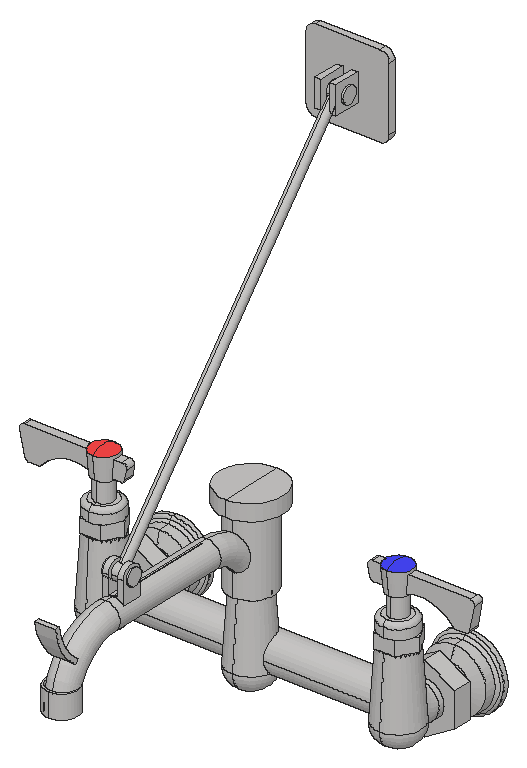
Revit family "Krowne_16-127_ServiceSink_Faucet", category Plumbing Fixtures, Revit 2018
Family settings
  Round Connector Dimension = Use Diameter
  Part Type = Normal
  OmniClass Number = 23.40.40.00
  OmniClass Title = Food Service Equipment and Furnishings
  Work Plane-Based = No
  Always vertical = Yes
  Cut with Voids When Loaded = No
  Shared = No
  Room Calculation Point = No
Parameters (values of type "DefaultType")
  Width = 12 3/4"
  Weight in Pounds = 5
  Watermarked By = ""
  Waste Water Discharge Temperature [instance] = -459.67 °F
  URL Cutsheet = ""
  URL = "https://krowne.com/"
  Status [instance] = ""
  Specification by User [instance] = ""
  Specification by Manufacturer [instance] = ""
  Serial Number [instance] = ""
  Revision Code [instance] = ""
  Plumbing Remarks [instance] = ""
  Plumbing Connection Type = ""
  NAFEM Spec ID Number [instance] = ""
  Model = "16-127"
  Masterspec [instance] = ""
  Manufacturer = "Krowne Metal"
  KCLRef = "KCL2C9,,0004c5a2-0000-0000-0000-000000000307,KR,16-127 ,637117205140000000,017d703d-3419-49d9-adc3-875a3ac19942,c2fe26a1-2764-4ba5-bdeb-8732fab6fd49"
  KCL SpecSheet URL = "http://kclweb.kclcad.com/imagehandler.ashx?kdoc=16-127%20spec&R=KR&M=16-127%20&VC=7&TID=KCLWeb&T=doc"
  Item Number [instance] = "-"
  Installed By [instance] = ""
  Hot Water Temperature = 100 °F
  Hot Water Size = 1/2"
  Hot Water RI Height [instance] = 0"
  Hot Water Minimum Pressure = 0.00 psi
  Hot Water Maximum Pressure = 0.00 psi
  Hot Water Flow = 5.6 GPM
  Hot Water Consumption = 0 GPM
  Hot Water Connection Height = 0"
  Height = 3 3/8"
  Furnished By [instance] = ""
  Foodservice Equipment Identifier = yes
  Description = "Service Sink Faucet"
  Depth = 1 7/8"
  Cold Water Temperature Recommended = -459.67 °F
  Cold Water Size = 1/2"
  Cold Water RI Height [instance] = 0"
  Cold Water Minimum Pressure = 0.00 psi
  Cold Water Maximum Pressure = 0.00 psi
  Cold Water Flow = 5.6 GPM
  Cold Water Consumption = ""
  Cold Water Connection Height = 0"
  CSI MasterFormat = ""
  Assembly Code = "E1090300"
Reference planes
  plane 1 "BACK": y = 0
  plane 2: z = 0
  plane 3 "LEFT": x = -481.094
  plane 4 "RIGHT": x = -157.244
  plane 5 "FRONT": y = -47.625
  plane 6 "CENTER L/R": x = -319.169
  plane 7: y = -23.812
  plane 8: y = -187.325
  plane 9: z = 96.837
  plane 10: z = 323.85
  plane 11: z = 381
  plane 12: x = -347.744
  plane 13: x = -290.594
  plane 14 "Back Panel Support": y = 64.294
  plane 15: z = 123.825
  plane 16: z = 73.025
Forms (mm)
  Sweep 1, solid, material "QF_Stainless-Polished"
    path origin (-319.169, 0, 0) x (0, 1, 0) y (0, 0, 1)
      loop
        line (-23.812, 74.612) -> (-23.812, 76.2)
        arc (-23.812, 76.2) -> (-34.972, 103.141) -> (-61.912, 114.3) r 38.1
        line (-61.912, 114.3) -> (-149.225, 114.3)
        arc (-149.225, 114.3) -> (-176.166, 103.141) -> (-187.325, 76.2) r 38.1
        line (-187.325, 76.2) -> (-187.325, 73.025)
    profile origin (-319.169, -23.812, 75.406) x (0, -1, 0) y (1, 0, 0)
      loop
        circle (0, 0) r 9.525
      loop
        circle (0, 0) r 6.35
  Extrusion 2, solid, material "QF_Stainless-Polished"
    sketch origin (-319.169, -187.325, 73.025) x (0, -1, 0) y (-1, 0, 0)
      loop
        circle (0, 0) r 9.525
      loop
        circle (0, 0) r 11.113
    from 0 to -15.875
  Extrusion 3, solid, material "QF_Stainless-Polished"
    sketch origin (-319.169, 0, -23.812) x (0, 1, 0) y (0, 0, 1)
      loop
        line (-142.875, 138.149) -> (-128.587, 138.149) -> (-128.588, 159.544)
        arc (-128.588, 159.544) -> (-135.731, 166.687) -> (-142.875, 159.544) r 7.144
        line (-142.875, 159.544) -> (-142.875, 138.149)
      loop
        circle (-135.731, 159.544) r 3.969
    from -7.144 to 7.144
  Extrusion 4, solid, material "QF_Stainless-Polished"
    sketch origin (0, 64.294, 0) x (1, 0, 0) y (0, 0, 1)
      loop
        line (-341.394, 323.85) -> (-296.944, 323.85)
        arc (-296.944, 323.85) -> (-292.454, 325.71) -> (-290.594, 330.2) r 6.35
        line (-290.594, 330.2) -> (-290.594, 374.65)
        arc (-290.594, 374.65) -> (-292.454, 379.14) -> (-296.944, 381) r 6.35
        line (-296.944, 381) -> (-341.394, 381)
        arc (-341.394, 381) -> (-345.885, 379.14) -> (-347.744, 374.65) r 6.35
        line (-347.744, 374.65) -> (-347.744, 330.2)
        arc (-347.744, 330.2) -> (-345.885, 325.71) -> (-341.394, 323.85) r 6.35
    from 0 to 4.763
  Extrusion 5, solid, material "QF_Stainless-Polished"
    sketch origin (-319.169, 0, 0) x (0, 1, 0) y (0, 0, 1)
      loop
        line (40.481, 342.9) -> (59.531, 342.9) -> (59.531, 361.95) -> (40.481, 361.95) -> (40.481, 342.9)
      loop
        circle (50.006, 352.425) r 3.969
    from -7.144 to 7.144
  Extrusion 6, void
    sketch origin (0, 0, -23.812) x (1, 0, 0) y (0, 0, 1)
      loop
        line (-322.344, 147.637) -> (-315.994, 147.637) -> (-315.994, 166.687) -> (-322.344, 166.687) -> (-322.344, 147.637)
    from 122.454 to 149.163
  Extrusion 7, void
    sketch origin (0, 64.294, 0) x (1, 0, 0) y (0, 0, 1)
      loop
        line (-322.344, 361.95) -> (-322.344, 342.9) -> (-315.994, 342.9) -> (-315.994, 361.95) -> (-322.344, 361.95)
    from 4.763 to 23.813
  Sweep 8, solid, material "QF_Stainless-Polished"
    path origin (-319.169, 0, 0) x (0, 1, 0) y (0, 0, 1)
      loop
        line (-135.731, 136.531) -> (50.006, 352.425)
    profile origin (-319.169, -42.862, 244.478) x (0, -0.758067, 0.652177) y (1, 0, 0)
      loop
        circle (0, 0) r 3.175
  Extrusion 9, solid, material "QF_Stainless-Polished"
    sketch origin (-319.169, 0, 0) x (0, 1, 0) y (0, 0, 1)
      loop
        circle (-135.731, 135.731) r 5.567
      loop
        circle (50.006, 352.425) r 5.567
    from -9.064 to 9.029
  Sweep 10, solid, material "QF_Stainless-Polished"
    path origin (-319.169, 0, -23.812) x (0, 1, 0) y (0, 0, 1)
      loop
        arc (-200.145, 155.575) -> (-194.558, 139.551) -> (-182.996, 127.128) r 41.275
    profile origin (-319.169, -194.558, 115.738) x (0, 0.856409, 0.516299) y (1, 0, 0)
      loop
        line (1.587, -7.144) -> (1.587, 7.144) -> (-1.588, 7.144) -> (-1.588, -7.144) -> (1.587, -7.144)
  Revolve 11, solid, material "QF_Stainless-Polished"
    sketch origin (-319.169, 0, 0) x (0, 1, 0) y (0, 0, 1)
      loop
        line (-23.812, 77.787) -> (-7.937, 77.787)
        arc (-7.937, 77.787) -> (-7.145, 103.981) -> (-7.937, 130.175) r 433.388
        line (-7.937, 130.175) -> (-1.587, 130.175) -> (-1.587, 141.287) -> (-23.812, 141.287) -> (-23.812, 77.787)
      axis (-23.812, 77.787) -> (-23.812, 141.287)
    angle from 0 to 360
Cuts and joins
  Extrusion 6 cuts Extrusion 3
  Extrusion 7 cuts Extrusion 4
  Extrusion 7 cuts Extrusion 5
Lines and regions (mm)
  symbolic lines
    curve 1: arc (-319.169, -33.337, 0) -> (-328.694, -23.812, 0) -> (-319.169, -14.288, 0) r 9.525
    curve 2: arc (-319.169, -14.288, 0) -> (-309.644, -23.812, 0) -> (-319.169, -33.337, 0) r 9.525
    curve 3: arc (-328.694, -187.325, 0) -> (-325.905, -194.06, 0) -> (-319.169, -196.85, 0) r 9.525
    curve 4: arc (-319.169, -196.85, 0) -> (-312.434, -194.06, 0) -> (-309.644, -187.325, 0) r 9.525
    curve 5: line (-328.694, -187.325, 0) -> (-328.694, -23.813, 0)
    curve 6: line (-309.644, -23.813, 0) -> (-309.644, -187.325, 0)
    curve 7: circle (-319.169, -23.812, 0) r 22.225 normal (0, 0, 1)
    curve 8: line (-347.744, 59.531, 0) -> (-290.594, 59.531, 0)
    curve 9: line (-290.594, 64.294, 0) -> (-347.744, 64.294, 0)
    curve 10: line (-347.744, 59.531, 0) -> (-347.744, 64.294, 0)
    curve 11: line (-290.594, 59.531, 0) -> (-290.594, 64.294, 0)
    curve 12: line (-326.313, 59.531, 0) -> (-326.313, 40.481, 0)
    curve 13: line (-312.026, 40.481, 0) -> (-312.026, 59.531, 0)
    curve 14: line (-326.313, 40.481, 0) -> (-312.026, 40.481, 0)
    curve 15: line (-326.313, -128.587, 0) -> (-326.313, -142.875, 0)
    curve 16: line (-312.026, -142.875, 0) -> (-312.026, -128.587, 0)
    curve 17: line (-312.026, -128.587, 0) -> (-326.313, -128.587, 0)
    curve 18: line (-326.313, -142.875, 0) -> (-312.026, -142.875, 0)
    curve 19: line (-322.344, 40.481, 0) -> (-322.344, -142.875, 0)
    curve 20: line (-315.994, -142.875, 0) -> (-315.994, 40.481, 0)
Dimensions and locks
  "Width": plane 3 "LEFT" to plane 4 "RIGHT"
  "Depth": plane 5 "FRONT" to plane 1 "BACK"
  equal spacing: plane 5 "FRONT", plane 7, plane 1 "BACK"
  equal spacing: plane 3 "LEFT", plane 6 "CENTER L/R", plane 4 "RIGHT"
  plane 8 to plane 7 = 6 7/16"
  locked: plane 11 to plane 10 at 57.15
  equal spacing: plane 12, plane 6 "CENTER L/R", plane 13
  plane 12 to plane 13 = 2 1/4"
  plane 15 to plane 9 = 1 1/16"
  plane 9 to plane 16 = 15/16"
  plane 10 to plane 9 = 8 15/16"
  aligned and locked: level to plane 2
  aligned and locked: plane 7 to Sweep 1 sketch curve
  aligned and locked: Sweep 1 sketch curve to plane 8
  aligned and locked: Extrusion 4 sketch curve to plane 10
  aligned and locked: Extrusion 4 sketch curve to plane 12
  aligned and locked: plane 11 to Extrusion 4 sketch curve
  aligned and locked: plane 13 to Extrusion 4 sketch curve
  aligned and locked: plane 7 to Revolve 11 sketch curve
Automatic sketch dimensions
  Sweep 1 sketch curve to Sweep 1 sketch curve = 0"  (x2)
  Sweep 1 sketch curve to plane 6 "CENTER L/R" = 0"
  Sweep 1 sketch curve to profile plane = 0"
  Extrusion 3 sketch curve to Extrusion 3 sketch curve = 0"  (x3)
  Extrusion 3 sketch curve to plane 8 = 1 3/4"
  Extrusion 3 sketch curve to Extrusion 3 sketch curve = 9/32"
  plane 12 to Extrusion 4 sketch curve = 1/4"
  plane 10 to Extrusion 4 sketch curve = 1/4"
  Extrusion 4 sketch curve to plane 13 = 1/4"
  Extrusion 4 sketch curve to Extrusion 4 sketch curve = 1/4"
  plane 14 "Back Panel Support" to Extrusion 5 sketch curve = 15/16"
  Extrusion 5 sketch curve to Extrusion 5 sketch curve = 3/8"  (x3)
  plane 14 "Back Panel Support" to Extrusion 5 sketch curve = 3/16"
  plane 10 to Extrusion 5 sketch curve = 3/4"
  Extrusion 6 sketch curve to plane 6 "CENTER L/R" = 1/8"
  plane 6 "CENTER L/R" to Extrusion 6 sketch curve = 1/8"
  Extrusion 7 sketch curve to plane 6 "CENTER L/R" = 1/8"
  plane 6 "CENTER L/R" to Extrusion 7 sketch curve = 1/8"
  Extrusion 7 sketch curve to plane 11 = 3/4"
  plane 10 to Extrusion 7 sketch curve = 3/4"
  Sweep 8 sketch curve to plane 6 "CENTER L/R" = 0"
  Sweep 8 sketch curve to profile plane = 0"
  Sweep 10 sketch curve to plane 8 = 1.10688"
  Sweep 10 sketch curve to plane 8 = 0.17044"
  plane 8 to Sweep 10 sketch curve = 0.50474"
  profile plane to Sweep 10 sketch curve = 1/16"
  Sweep 10 sketch curve to profile plane = 1/16"
  Sweep 10 sketch curve to plane 6 "CENTER L/R" = 9/32"
  plane 6 "CENTER L/R" to Sweep 10 sketch curve = 9/32"
  Revolve 11 sketch curve to plane 7 = 0"
  plane 9 to Revolve 11 sketch curve = 9/32"
  plane 8 to Revolve 11 sketch curve = 9.96881"
  plane 1 "BACK" to Revolve 11 sketch curve = 5/16"  (x2)
  plane 1 "BACK" to Revolve 11 sketch curve = 1/16"
  Revolve 11 sketch curve to plane 9 = 3/4"
  Revolve 11 sketch curve to Revolve 11 sketch curve = 0"  (x2)
  Extrusion 3 sketch curve to plane 15 = 0.37355"
  Extrusion 3 sketch curve to Extrusion 3 sketch curve = 0.8423"
  plane 15 to Extrusion 6 sketch curve = 0"
  Extrusion 6 sketch curve to Extrusion 6 sketch curve = 3/4"
  plane 15 to Sweep 10 sketch curve = 0.5206"
  plane 15 to Sweep 10 sketch curve = 5/16"
  Revolve 11 sketch curve to Revolve 11 sketch curve = 7/16"
  Sweep 1 sketch curve to plane 16 = 0"
  plane 16 to Sweep 1 sketch curve = 1/8"  (x2)
  plane 5 "FRONT" to Sweep 1 sketch curve = 9/16"
  Sweep 1 sketch curve to Sweep 1 sketch curve = 1/16"
  Extrusion 9 sketch curve to plane 8 = 2 1/32"
  plane 14 "Back Panel Support" to Extrusion 9 sketch curve = 9/16"
  plane 15 to Extrusion 9 sketch curve = 15/32"
  plane 10 to Extrusion 9 sketch curve = 1 1/8"
  plane 15 to Sweep 8 sketch curve = 0.50022"
  Sweep 8 sketch curve to plane 8 = 2 1/32"
  plane 14 "Back Panel Support" to Sweep 8 sketch curve = 9/16"
  plane 10 to Sweep 8 sketch curve = 1 1/8"
  curve 1 to curve 7 = 0"
  curve 2 to curve 7 = 0"
  curve 3 to curve 4 = 0"
  curve 10 to plane 12 = 0"
  plane 7 to curve 5 = 0"
  plane 8 to curve 5 = 0"
  curve 2 to plane 6 "CENTER L/R" = 0"
  plane 7 to curve 6 = 0"
  curve 11 to plane 13 = 0"
  plane 7 to curve 7 = 0"
  plane 14 "Back Panel Support" to curve 10 = 0"
  curve 5 to plane 6 "CENTER L/R" = 3/8"
  curve 12 to plane 6 "CENTER L/R" = 9/32"
  curve 15 to plane 6 "CENTER L/R" = 9/32"
  plane 6 "CENTER L/R" to curve 14 = 9/32"
  plane 6 "CENTER L/R" to curve 18 = 9/32"
  curve 18 to plane 8 = 1 3/4"
  curve 16 to curve 16 = 9/16"
  plane 14 "Back Panel Support" to curve 12 = 15/16"
  plane 14 "Back Panel Support" to curve 8 = 3/16"
  curve 19 to plane 6 "CENTER L/R" = 1/8"
  plane 6 "CENTER L/R" to curve 20 = 1/8"
  radius of Sweep 1 sketch curve = 3/8"
  radius of Sweep 1 sketch curve = 1/4"
  radius of Extrusion 2 sketch curve to Sweep 1 = 0"
  radius of Sweep 1 to Extrusion 2 sketch curve = 1/16"
  radius of Extrusion 3 sketch curve = 5/32"
  radius of Extrusion 5 sketch curve = 5/32"
  radius of Sweep 8 sketch curve = 1/8"
  radius of Extrusion 9 sketch curve = 0.21919"  (x2)
  radius of curve 7 = 7/8"
Nested families
  nested 1: "QF_Krowne_14-8_Body" at (-4.763, 38.894, -3.175), type "QF_Krowne_14-8_Body"
Connectors
  piping at (-420.769, 45.244, 34.131), diameter 12.7, driven by "Hot Water Flow", driven by "Hot Water Size"
    settings: on nested 1, index 1, connector inside diameter 24", connector length 0", flow factor 0, pipe flow 5.6 GPM, pressure drop 0.00 psi, fitting loss kfactor 0, connector angle 0.00°, fixture units 0, engagement length 0", angle of deflection 0.00°, flow configuration 1, flow direction 1, fitting loss method 0, system type 19, joint type 0, gender type 0, connector reference index -1, connector utility 0, adjustable connector no, is connector primary yes, connector description "HOT WATER"
  piping at (-217.569, 45.244, 34.131), diameter 12.7, driven by "Cold Water Flow", driven by "Cold Water Size"
    settings: on nested 1, index 2, connector inside diameter 24", connector length 0", flow factor 0, pipe flow 5.6 GPM, pressure drop 0.00 psi, fitting loss kfactor 0, connector angle 0.00°, fixture units 0, engagement length 0", angle of deflection 0.00°, flow configuration 1, flow direction 1, fitting loss method 0, system type 20, joint type 0, gender type 0, connector reference index -1, connector utility 0, adjustable connector no, is connector primary no, connector description "COLD WATER"
Definition of nested family "QF_Krowne_14-8_Body"
  Parameters (values of type "QF_Krowne_14-8_Body")
    Width = 12 3/8"
    Watermarked By = ""
    Height = 3 7/8"
    Description = ""
    Depth = 4 15/16"
  Reference planes
    plane 1 "BACK": y = 0
    plane 2: z = 0
    plane 3 "LEFT": x = -471.569
    plane 4 "RIGHT": x = -157.244
    plane 5 "TOP": z = 128.588
    plane 6 "Center": x = -314.407
    plane 7 "Left of Handle": x = -416.007
    plane 8 "Right of Handle": x = -212.807
    plane 9 "Center of Handles": y = -125.412
    plane 10 "Top of Body": z = 74.612
    plane 11: x = -444.582
    plane 12: x = -184.232
    plane 13 "Faucet Handle Center": y = -62.706
    plane 14: y = -59.531
    plane 15: y = -65.881
    plane 16: z = 37.306
  Forms (mm)
    Extrusion 1, solid
      sketch origin (0, 0, 80.962) x (0, 1, 0) y (-1, 0, 0)
        loop
          line (-62.38, 401.719) -> (-50.006, 408.863) -> (-50.006, 423.151) -> (-62.38, 430.294) -> (-74.753, 423.151) -> (-74.753, 408.863) -> (-62.38, 401.719)
        loop
          line (-62.38, 198.519) -> (-50.006, 205.663) -> (-50.006, 219.951) -> (-62.38, 227.094) -> (-74.753, 219.951) -> (-74.753, 205.663) -> (-62.38, 198.519)
        loop
          line (-62.38, 300.119) -> (-50.006, 307.263) -> (-50.006, 321.551) -> (-62.38, 328.694) -> (-74.753, 321.551) -> (-74.753, 307.263) -> (-62.38, 300.119)
      from 0 to 9.525
    Revolve 2, solid
      sketch origin (-416.007, 0, 0) x (0, 1, 0) y (0, 0, 1)
        loop
          line (-62.706, 90.488) -> (-50.006, 90.488) -> (-50.006, 96.838)
          arc (-50.006, 96.838) -> (-50.936, 99.083) -> (-53.181, 100.013) r 3.175
          line (-53.181, 100.013) -> (-62.706, 100.013) -> (-62.706, 90.488)
        axis (-62.706, 90.488) -> (-62.706, 100.013)
      angle from 0 to 360
    Revolve 3, solid
      sketch origin (-212.807, 0, 0) x (0, 1, 0) y (0, 0, 1)
        loop
          line (-62.706, 100.012) -> (-56.356, 100.012) -> (-56.356, 114.3) -> (-62.706, 114.3) -> (-62.706, 100.012)
        axis (-62.706, 100.012) -> (-62.706, 114.3)
      angle from 0 to 360
    Revolve 4, solid
      sketch origin (-416.007, 0, 0) x (0, 1, 0) y (0, 0, 1)
        loop
          line (-62.706, 100.013) -> (-56.356, 100.013) -> (-56.356, 114.3) -> (-62.706, 114.3) -> (-62.706, 100.013)
        axis (-62.706, 100.013) -> (-62.706, 114.3)
      angle from 0 to 360
    Revolve 5, solid
      sketch origin (-416.007, 0, 0) x (0, 1, 0) y (0, 0, 1)
        loop
          line (-62.706, 114.3) -> (-54.769, 114.3) -> (-53.181, 130.175) -> (-62.706, 130.175) -> (-62.706, 114.3)
        axis (-62.706, 114.3) -> (-62.706, 130.175)
      angle from 0 to 360
    Revolve 6, solid
      sketch origin (-212.807, 0, 0) x (0, 1, 0) y (0, 0, 1)
        loop
          line (-62.706, 114.3) -> (-54.769, 114.3) -> (-53.181, 130.175) -> (-62.706, 130.175) -> (-62.706, 114.3)
        axis (-62.706, 114.3) -> (-62.706, 130.175)
      angle from 0 to 360
    Revolve 7, solid
      sketch origin (-416.007, 0, 0) x (0, 1, 0) y (0, 0, 1)
        loop
          line (-62.706, 130.175) -> (-53.181, 130.175)
          arc (-53.181, 130.175) -> (-57.646, 132.655) -> (-62.706, 133.35) r 13.869
          line (-62.706, 133.35) -> (-62.706, 130.175)
        axis (-62.706, 130.175) -> (-62.706, 133.35)
      angle from 0 to 360
    Revolve 8, solid
      sketch origin (-212.807, 0, 0) x (0, 1, 0) y (0, 0, 1)
        loop
          line (-62.706, 130.175) -> (-53.181, 130.175)
          arc (-53.181, 130.175) -> (-57.646, 132.655) -> (-62.706, 133.35) r 13.869
          line (-62.706, 133.35) -> (-62.706, 130.175)
        axis (-62.706, 130.175) -> (-62.706, 133.35)
      angle from 0 to 360
    Extrusion 9, solid
      sketch origin (0, -62.706, 0) x (1, 0, 0) y (0, 0, 1)
        loop
          arc (-468.332, 128.588) -> (-470.787, 127.425) -> (-471.445, 124.79) r 3.175
          line (-471.445, 124.79) -> (-468.27, 108.916)
          arc (-468.27, 108.916) -> (-467.17, 107.083) -> (-465.157, 106.364) r 3.175
          line (-465.157, 106.364) -> (-458.81, 106.364)
          arc (-458.81, 106.364) -> (-457.469, 106.66) -> (-456.379, 107.496) r 3.175
          arc (-456.379, 107.496) -> (-441.832, 116.771) -> (-424.594, 116.065) r 28.792
          arc (-424.594, 116.065) -> (-424.065, 115.925) -> (-423.52, 115.878) r 3.175
          line (-423.52, 115.878) -> (-402.102, 115.878)
          arc (-402.102, 115.878) -> (-400.089, 116.597) -> (-398.988, 118.43) r 3.175
          line (-398.988, 118.43) -> (-397.716, 124.79)
          arc (-397.716, 124.79) -> (-398.374, 127.425) -> (-400.83, 128.588) r 3.175
          line (-400.83, 128.588) -> (-468.332, 128.588)
        loop
          line (-160.482, 128.588) -> (-227.984, 128.588)
          arc (-227.984, 128.588) -> (-230.439, 127.425) -> (-231.097, 124.79) r 3.175
          line (-231.097, 124.79) -> (-229.826, 118.43)
          arc (-229.826, 118.43) -> (-228.725, 116.597) -> (-226.712, 115.878) r 3.175
          line (-226.712, 115.878) -> (-205.294, 115.878)
          arc (-205.294, 115.878) -> (-204.749, 115.925) -> (-204.22, 116.065) r 3.175
          arc (-204.22, 116.065) -> (-186.982, 116.771) -> (-172.435, 107.496) r 28.792
          arc (-172.435, 107.496) -> (-171.345, 106.66) -> (-170.004, 106.364) r 3.175
          line (-170.004, 106.364) -> (-163.657, 106.364)
          arc (-163.657, 106.364) -> (-161.644, 107.083) -> (-160.544, 108.916) r 3.175
          line (-160.544, 108.916) -> (-157.369, 124.79)
          arc (-157.369, 124.79) -> (-158.027, 127.425) -> (-160.482, 128.588) r 3.175
      from -3.175 to 3.175
    Extrusion 10, solid
      sketch origin (0, 0, 0) x (1, 0, 0) y (0, 0, 1)
        loop
          circle (-416.007, 37.306) r 6.35
        loop
          circle (-212.807, 37.306) r 6.35
      from 0 to -6.35
    Revolve 11, solid
      sketch origin (-212.807, 0, 0) x (0, 1, 0) y (0, 0, 1)
        loop
          line (-62.706, 90.488) -> (-50.006, 90.488) -> (-50.006, 96.838)
          arc (-50.006, 96.838) -> (-50.936, 99.083) -> (-53.181, 100.013) r 3.175
          line (-53.181, 100.013) -> (-62.706, 100.013) -> (-62.706, 90.488)
        axis (-62.706, 90.488) -> (-62.706, 100.013)
      angle from 0 to 360
    Revolve 12, solid
      sketch origin (-416.007, 0, 0) x (0, 1, 0) y (0, 0, 1)
        loop
          line (0, 37.306) -> (0, 62.706) -> (-3.175, 62.706)
          arc (-3.175, 62.706) -> (-4.298, 62.241) -> (-4.762, 61.119) r 1.588
          line (-4.762, 61.119) -> (-6.75, 59.131) -> (-14.287, 59.131) -> (-17.462, 50.006) -> (-26.987, 50.006) -> (-26.988, 37.306) -> (0, 37.306)
        axis (0, 37.306) -> (-26.988, 37.306)
      angle from 0 to 360
    Revolve 13, solid
      sketch origin (-212.807, 0, 0) x (0, 1, 0) y (0, 0, 1)
        loop
          line (0, 37.306) -> (0, 62.706) -> (-3.175, 62.706)
          arc (-3.175, 62.706) -> (-4.298, 62.241) -> (-4.762, 61.119) r 1.588
          line (-4.762, 61.119) -> (-6.75, 59.131) -> (-14.287, 59.131) -> (-17.462, 50.006) -> (-26.987, 50.006) -> (-26.988, 37.306) -> (0, 37.306)
        axis (0, 37.306) -> (-26.988, 37.306)
      angle from 0 to 360
    Extrusion 14, solid
      sketch origin (-416.007, -26.988, 37.306) x (0, 0, 1) y (-1, 0, 0)
        loop
          line (11.915, -20.638) -> (23.83, 0) -> (11.915, 20.637) -> (-11.915, 20.637) -> (-23.83, 0) -> (-11.915, -20.637) -> (11.915, -20.638)
        loop
          line (11.915, -223.837) -> (23.83, -203.2) -> (11.915, -182.562) -> (-11.915, -182.562) -> (-23.83, -203.2) -> (-11.915, -223.837) -> (11.915, -223.837)
      from 0 to 12.7
    Sweep 15, solid
      path origin (-416.007, 0, 0) x (0, 1, 0) y (0, 0, 1)
        loop
          line (-26.988, 37.306) -> (-43.656, 37.306)
          arc (-43.656, 37.306) -> (-57.127, 42.886) -> (-62.706, 56.356) r 19.05
          line (-62.706, 56.356) -> (-62.706, 80.962)
      profile origin (-416.007, -35.322, 37.306) x (0, 0, -1) y (1, 0, 0)
        loop
          circle (0, 0) r 12.7
    Sweep 16, solid
      path origin (-212.807, 0, 0) x (0, 1, 0) y (0, 0, 1)
        loop
          line (-26.988, 37.306) -> (-43.656, 37.306)
          arc (-43.656, 37.306) -> (-57.127, 42.886) -> (-62.706, 56.356) r 19.05
          line (-62.706, 56.356) -> (-62.706, 80.962)
      profile origin (-212.807, -35.322, 37.306) x (0, 0, -1) y (1, 0, 0)
        loop
          circle (0, 0) r 12.7
    Extrusion 17, solid
      sketch origin (-416.007, 0, 0) x (0, 1, 0) y (0, 0, 1)
        loop
          circle (-57.127, 42.886) r 12.7
      from 0 to 203.2
    Sweep 18, solid
      path origin (-314.407, 0, 0) x (0, 1, 0) y (0, 0, 1)
        loop
          arc (-56.044, 41.884) -> (-60.961, 48.39) -> (-62.706, 56.356) r 19.05
          line (-62.706, 56.356) -> (-62.706, 80.962)
      profile origin (-314.407, -62.706, 68.659) x (0, -1, 0) y (1, 0, 0)
        loop
          circle (0, 0) r 12.7
    Revolve 19, solid
      sketch origin (-314.407, 0, 0) x (0, 1, 0) y (0, 0, 1)
        loop
          line (-62.706, 90.488) -> (-50.006, 90.488) -> (-50.006, 96.838)
          arc (-50.006, 96.838) -> (-50.936, 99.083) -> (-53.181, 100.013) r 3.175
          line (-53.181, 100.013) -> (-62.706, 100.013) -> (-62.706, 90.488)
        axis (-62.706, 90.488) -> (-62.706, 100.013)
      angle from 0 to 360
    Revolve 20, solid
      sketch origin (-416.007, 0, 0) x (0, 1, 0) y (0, 0, 1)
        loop
          line (-50.006, 80.962) -> (-62.706, 80.962) -> (-62.706, 20.044) -> (-59.365, 20.044)
          arc (-59.365, 20.044) -> (-50.077, 24.083) -> (-46.696, 33.63) r 12.7
          line (-46.696, 33.63) -> (-50.006, 80.962)
        axis (-62.706, 20.044) -> (-62.706, 80.962)
      angle from 0 to 360
    Revolve 21, solid
      sketch origin (-212.807, 0, 0) x (0, 1, 0) y (0, 0, 1)
        loop
          line (-50.006, 80.962) -> (-62.706, 80.962) -> (-62.706, 20.044) -> (-59.365, 20.044)
          arc (-59.365, 20.044) -> (-50.077, 24.083) -> (-46.696, 33.63) r 12.7
          line (-46.696, 33.63) -> (-50.006, 80.962)
        axis (-62.706, 20.044) -> (-62.706, 80.962)
      angle from 0 to 360
    Revolve 22, solid
      sketch origin (-314.407, 0, 0) x (0, 1, 0) y (0, 0, 1)
        loop
          line (-50.006, 80.962) -> (-62.706, 80.962) -> (-62.706, 20.044) -> (-59.365, 20.044)
          arc (-59.365, 20.044) -> (-50.077, 24.083) -> (-46.696, 33.63) r 12.7
          line (-46.696, 33.63) -> (-50.006, 80.962)
        axis (-62.706, 20.044) -> (-62.706, 80.962)
      angle from 0 to 360
  Lines and regions (mm)
    symbolic lines
      curve 1: line (-471.445, -59.531, 74.612) -> (-397.655, -59.531, 74.612)
      curve 2: line (-471.445, -65.881, 74.612) -> (-471.445, -59.531, 74.612)
      curve 3: line (-397.655, -65.881, 74.612) -> (-471.445, -65.881, 74.612)
      curve 4: line (-397.655, -59.531, 74.612) -> (-397.655, -65.881, 74.612)
      curve 5: line (-157.244, -59.531, 74.612) -> (-231.159, -59.531, 74.612)
      curve 6: line (-157.244, -65.881, 74.612) -> (-157.244, -59.531, 74.612)
      curve 7: line (-231.159, -65.881, 74.612) -> (-157.244, -65.881, 74.612)
      curve 8: line (-231.159, -59.531, 74.612) -> (-231.159, -65.881, 74.612)
      curve 9: line (-423.151, -50.333, 74.612) -> (-428.461, -59.531, 74.612)
      curve 10: line (-423.151, -50.333, 74.612) -> (-408.863, -50.333, 74.612)
      curve 11: line (-408.863, -50.333, 74.612) -> (-403.553, -59.531, 74.612)
      curve 12: line (-408.863, -75.08, 74.612) -> (-423.151, -75.08, 74.612)
      curve 13: line (-423.151, -75.08, 74.612) -> (-428.461, -65.881, 74.612)
      curve 14: line (-408.863, -75.08, 74.612) -> (-403.553, -65.881, 74.612)
      curve 15: line (-219.951, -50.333, 74.612) -> (-205.663, -50.333, 74.612)
      curve 16: line (-205.663, -50.333, 74.612) -> (-200.353, -59.531, 74.612)
      curve 17: line (-219.951, -50.333, 74.612) -> (-225.261, -59.531, 74.612)
      curve 18: line (-205.663, -75.08, 74.612) -> (-219.951, -75.08, 74.612)
      curve 19: line (-219.951, -75.08, 74.612) -> (-225.261, -65.881, 74.612)
      curve 20: line (-205.663, -75.08, 74.612) -> (-200.353, -65.881, 74.612)
      curve 21: line (-328.694, -62.38, 74.612) -> (-321.551, -74.753, 74.612)
      curve 22: line (-321.551, -74.753, 74.612) -> (-307.263, -74.753, 74.612)
      curve 23: line (-307.263, -74.753, 74.612) -> (-300.119, -62.38, 74.612)
      curve 24: line (-300.119, -62.38, 74.612) -> (-307.263, -50.006, 74.612)
      curve 25: line (-307.263, -50.006, 74.612) -> (-321.551, -50.006, 74.612)
      curve 26: line (-321.551, -50.006, 74.612) -> (-328.694, -62.38, 74.612)
      curve 27: line (-441.407, 0, 74.612) -> (-390.607, 0, 74.612)
      curve 28: line (-441.407, 0, 74.612) -> (-441.407, -3.175, 74.612)
      curve 29: line (-437.831, -6.75, 74.612) -> (-439.819, -4.763, 74.612)
      curve 30: arc (-439.819, -4.763, 74.612) -> (-440.942, -4.298, 74.612) -> (-441.407, -3.175, 74.612) r 1.588
      curve 31: line (-437.831, -6.75, 74.612) -> (-437.831, -14.288, 74.612)
      curve 32: line (-437.831, -14.288, 74.612) -> (-428.707, -17.463, 74.612)
      curve 33: line (-428.707, -17.463, 74.612) -> (-428.707, -26.987, 74.612)
      curve 34: line (-428.707, -26.987, 74.612) -> (-436.644, -26.987, 74.612)
      curve 35: line (-436.644, -26.987, 74.612) -> (-436.644, -39.688, 74.612)
      curve 36: line (-436.644, -39.688, 74.612) -> (-428.719, -39.687, 74.612)
      curve 37: line (-428.719, -39.687, 74.612) -> (-428.719, -59.531, 74.612)
      curve 38: line (-390.607, 0, 74.612) -> (-390.607, -3.175, 74.612)
      curve 39: line (-394.182, -6.75, 74.612) -> (-392.194, -4.763, 74.612)
      curve 40: arc (-392.194, -4.763, 74.612) -> (-391.072, -4.298, 74.612) -> (-390.607, -3.175, 74.612) r 1.588
      curve 41: line (-394.182, -6.75, 74.612) -> (-394.182, -14.288, 74.612)
      curve 42: line (-394.182, -14.288, 74.612) -> (-403.307, -17.463, 74.612)
      curve 43: line (-403.307, -17.463, 74.612) -> (-403.307, -26.987, 74.612)
      curve 44: line (-403.307, -26.987, 74.612) -> (-395.369, -26.987, 74.612)
      curve 45: line (-395.369, -26.987, 74.612) -> (-395.369, -39.688, 74.612)
      curve 46: line (-395.369, -39.688, 74.612) -> (-403.295, -39.687, 74.612)
      curve 47: line (-403.295, -39.687, 74.612) -> (-403.295, -59.531, 74.612)
      curve 48: line (-205.663, -50.333, 74.612) -> (-219.951, -50.333, 74.612)
      curve 49: line (-187.407, 0, 74.612) -> (-238.207, 0, 74.612)
      curve 50: line (-187.407, 0, 74.612) -> (-187.407, -3.175, 74.612)
      curve 51: line (-190.982, -6.75, 74.612) -> (-188.994, -4.763, 74.612)
      curve 52: arc (-188.994, -4.763, 74.612) -> (-187.872, -4.298, 74.612) -> (-187.407, -3.175, 74.612) r 1.588
      curve 53: line (-190.982, -6.75, 74.612) -> (-190.982, -14.288, 74.612)
      curve 54: line (-190.982, -14.288, 74.612) -> (-200.107, -17.463, 74.612)
      curve 55: line (-200.107, -17.463, 74.612) -> (-200.107, -26.987, 74.612)
      curve 56: line (-200.107, -26.987, 74.612) -> (-192.169, -26.987, 74.612)
      curve 57: line (-192.169, -26.987, 74.612) -> (-192.169, -39.688, 74.612)
      curve 58: line (-192.169, -39.688, 74.612) -> (-200.095, -39.687, 74.612)
      curve 59: line (-200.095, -39.687, 74.612) -> (-200.095, -59.531, 74.612)
      curve 60: line (-238.207, 0, 74.612) -> (-238.207, -3.175, 74.612)
      curve 61: line (-234.631, -6.75, 74.612) -> (-236.619, -4.763, 74.612)
      curve 62: arc (-236.619, -4.763, 74.612) -> (-237.742, -4.298, 74.612) -> (-238.207, -3.175, 74.612) r 1.588
      curve 63: line (-234.631, -6.75, 74.612) -> (-234.631, -14.288, 74.612)
      curve 64: line (-234.631, -14.288, 74.612) -> (-225.507, -17.463, 74.612)
      curve 65: line (-225.507, -17.463, 74.612) -> (-225.507, -26.987, 74.612)
      curve 66: line (-225.507, -26.987, 74.612) -> (-233.444, -26.987, 74.612)
      curve 67: line (-233.444, -26.987, 74.612) -> (-233.444, -39.688, 74.612)
      curve 68: line (-233.444, -39.688, 74.612) -> (-225.519, -39.687, 74.612)
      curve 69: line (-225.519, -39.687, 74.612) -> (-225.519, -59.531, 74.612)
      curve 70: line (-403.295, -44.504, 74.612) -> (-225.519, -44.504, 74.612)
      curve 71: line (-405.528, -69.303, 74.612) -> (-324.697, -69.303, 74.612)
      curve 72: line (-303.555, -69.303, 74.612) -> (-223.286, -69.303, 74.612)
  Dimensions and locks
    "Width": plane 3 "LEFT" to plane 4 "RIGHT"
    equal spacing: plane 3 "LEFT", plane 6 "Center", plane 4 "RIGHT"
    "Depth": plane 9 "Center of Handles" to plane 1 "BACK"
    plane 10 "Top of Body" to level = 2 15/16"
    equal spacing: plane 10 "Top of Body", plane 16, level
    locked: plane 3 "LEFT" to plane 11 at 26.988
    locked: plane 12 to plane 4 "RIGHT" at 26.988
    locked: plane 8 "Right of Handle" to plane 12 at 28.575
    locked: plane 11 to plane 7 "Left of Handle" at 28.575
    locked: plane 5 "TOP" to plane 10 "Top of Body" at 53.975
    equal spacing: plane 15, plane 13 "Faucet Handle Center", plane 14, locked at 3.175 each
    plane 15 to plane 14 = 1/4"
    equal spacing: plane 9 "Center of Handles", plane 13 "Faucet Handle Center", plane 1 "BACK"
    aligned and locked: level to plane 2
    aligned and locked: Revolve 5 sketch curve to Revolve 5 sketch curve
    aligned and locked: Revolve 6 sketch curve to Revolve 6 sketch curve
    aligned and locked: Extrusion 9 sketch curve to plane 5 "TOP"
    aligned and locked: plane 5 "TOP" to Extrusion 9 sketch curve
    aligned and locked: Extrusion 9 to plane 14
    aligned and locked: curve 1 to Extrusion 9
    aligned and locked: curve 2 to Extrusion 9
    aligned and locked: curve 3 to Extrusion 9
    aligned and locked: curve 5 to Extrusion 9
    aligned and locked: Extrusion 9 to curve 7
    aligned and locked: plane 4 "RIGHT" to curve 6
    aligned and locked: Revolve 11 sketch curve to plane 13 "Faucet Handle Center"
    aligned and locked: plane 8 "Right of Handle" to Extrusion 17
    aligned and locked: plane 13 "Faucet Handle Center" to Revolve 20 sketch curve
  Automatic sketch dimensions
    Revolve 2 sketch curve to plane 13 "Faucet Handle Center" = 0"  (x2)
    Revolve 2 sketch curve to Revolve 2 sketch curve = 3/8"
    Revolve 2 sketch curve to Revolve 2 sketch curve = 1/8"
    plane 10 "Top of Body" to Revolve 2 sketch curve = 5/8"
    Revolve 2 sketch curve to Revolve 2 sketch curve = 1/4"
    Revolve 2 sketch curve to Revolve 2 sketch curve = 0"  (x2)
    Revolve 3 sketch curve to plane 13 "Faucet Handle Center" = 0"  (x2)
    Revolve 3 sketch curve to plane 13 "Faucet Handle Center" = 1/4"
    plane 10 "Top of Body" to Revolve 3 sketch curve = 1"
    Revolve 3 sketch curve to Revolve 3 sketch curve = 9/16"
    Revolve 3 sketch curve to Revolve 3 sketch curve = 3/8"
    Revolve 3 sketch curve to Revolve 3 sketch curve = 0"
    Revolve 4 sketch curve to plane 13 "Faucet Handle Center" = 0"  (x2)
    Revolve 4 sketch curve to Revolve 4 sketch curve = 1/4"
    plane 10 "Top of Body" to Revolve 4 sketch curve = 1"
    Revolve 4 sketch curve to Revolve 4 sketch curve = 9/16"
    Revolve 4 sketch curve to Revolve 4 sketch curve = 3/8"
    Revolve 4 sketch curve to Revolve 4 sketch curve = 0"
    Revolve 5 sketch curve to plane 13 "Faucet Handle Center" = 0"
    Revolve 5 sketch curve to Revolve 5 sketch curve = 5/16"
    plane 5 "TOP" to Revolve 5 sketch curve = 1/16"
    Revolve 5 sketch curve to Revolve 5 sketch curve = 3/8"
    Revolve 5 sketch curve to plane 5 "TOP" = 9/16"
    Revolve 5 sketch curve to Revolve 5 sketch curve = 0"  (x2)
    Revolve 6 sketch curve to plane 13 "Faucet Handle Center" = 0"
    Revolve 6 sketch curve to plane 13 "Faucet Handle Center" = 5/16"
    plane 5 "TOP" to Revolve 6 sketch curve = 1/16"
    Revolve 6 sketch curve to plane 13 "Faucet Handle Center" = 3/8"
    Revolve 6 sketch curve to plane 5 "TOP" = 9/16"
    Revolve 6 sketch curve to Revolve 6 sketch curve = 0"  (x2)
    Revolve 7 sketch curve to plane 13 "Faucet Handle Center" = 0"  (x2)
    Revolve 7 sketch curve to plane 13 "Faucet Handle Center" = 0.02655"
    plane 5 "TOP" to Revolve 7 sketch curve = 1/16"
    Revolve 7 sketch curve to Revolve 7 sketch curve = 3/8"
    Revolve 7 sketch curve to plane 5 "TOP" = 0.35786"
    Revolve 7 sketch curve to Revolve 7 sketch curve = 0"  (x2)
    Revolve 8 sketch curve to plane 13 "Faucet Handle Center" = 0"  (x2)
    Revolve 8 sketch curve to plane 13 "Faucet Handle Center" = 0.02655"
    plane 5 "TOP" to Revolve 8 sketch curve = 1/16"
    Revolve 8 sketch curve to Revolve 8 sketch curve = 3/8"
    Revolve 8 sketch curve to plane 5 "TOP" = 0.35786"
    Revolve 8 sketch curve to Revolve 8 sketch curve = 0"  (x2)
    Revolve 12 sketch curve to plane 9 "Center of Handles" = 0"
    Revolve 12 sketch curve to plane 16 = 0"  (x2)
    Revolve 12 sketch curve to plane 1 "BACK" = 0"  (x2)
    plane 16 to Revolve 12 sketch curve = 1/2"
    plane 1 "BACK" to Revolve 12 sketch curve = 1 1/16"
    Revolve 12 sketch curve to Revolve 12 sketch curve = 3/8"
    Revolve 12 sketch curve to Revolve 12 sketch curve = 1/8"
    plane 1 "BACK" to Revolve 12 sketch curve = 0.26577"
    Revolve 12 sketch curve to Revolve 12 sketch curve = 0.07827"  (x2)
    Revolve 12 sketch curve to Revolve 12 sketch curve = 1/16"
    Revolve 12 sketch curve to Revolve 12 sketch curve = 0.35923"
    Revolve 13 sketch curve to plane 9 "Center of Handles" = 0"
    Revolve 13 sketch curve to plane 16 = 0"  (x2)
    Revolve 13 sketch curve to plane 1 "BACK" = 0"  (x2)
    Revolve 13 sketch curve to Revolve 13 sketch curve = 1 1/16"
    Revolve 13 sketch curve to Revolve 13 sketch curve = 3/8"
    Revolve 13 sketch curve to Revolve 13 sketch curve = 1/8"
    plane 1 "BACK" to Revolve 13 sketch curve = 0.26577"
    Revolve 13 sketch curve to Revolve 13 sketch curve = 0.07827"  (x2)
    Revolve 13 sketch curve to Revolve 13 sketch curve = 1/16"
    plane 16 to Revolve 13 sketch curve = 1/2"
    Revolve 13 sketch curve to Revolve 13 sketch curve = 0.35923"
    Revolve 12 to Extrusion 14 sketch curve = 0"
    Extrusion 14 sketch curve to Revolve 12 = 0"
    Revolve 12 to Extrusion 14 sketch curve = 8"  (x2)
    Extrusion 14 sketch curve to Extrusion 14 sketch curve = 0"
    Extrusion 14 sketch curve to Extrusion 14 sketch curve = 0.4691"  (x6)
    Extrusion 14 sketch curve to Extrusion 14 sketch curve = 0.93819"  (x4)
    Revolve 12 to Extrusion 14 sketch curve = 7 3/16"
    Revolve 12 to Extrusion 14 sketch curve = 8 13/16"
    Revolve 12 to Extrusion 14 sketch curve = 13/16"
    Extrusion 14 sketch curve to Revolve 12 = 13/16"
    plane 15 to Extrusion 1 sketch curve = 0.34928"  (x3)
    Extrusion 1 sketch curve to plane 13 "Faucet Handle Center" = 0.01286"  (x6)
    Extrusion 1 sketch curve to plane 14 = 3/8"  (x3)
    plane 8 "Right of Handle" to Extrusion 1 sketch curve = 9/16"
    plane 8 "Right of Handle" to Extrusion 1 sketch curve = 9/32"  (x2)
    Extrusion 1 sketch curve to plane 8 "Right of Handle" = 9/32"  (x2)
    Extrusion 1 sketch curve to plane 8 "Right of Handle" = 9/16"
    plane 6 "Center" to Extrusion 1 sketch curve = 9/16"
    plane 6 "Center" to Extrusion 1 sketch curve = 9/32"  (x2)
    Extrusion 1 sketch curve to plane 6 "Center" = 9/32"  (x2)
    Extrusion 1 sketch curve to Extrusion 1 sketch curve = 9/32"  (x2)
    plane 7 "Left of Handle" to Extrusion 1 sketch curve = 9/16"
    plane 7 "Left of Handle" to Extrusion 1 sketch curve = 9/32"  (x2)
    Extrusion 1 sketch curve to plane 7 "Left of Handle" = 9/32"  (x2)
    plane 3 "LEFT" to Extrusion 9 sketch curve = 0.0049"
    Extrusion 9 sketch curve to Extrusion 9 sketch curve = 0.12257"  (x5)
    plane 3 "LEFT" to Extrusion 9 sketch curve = 0.12989"
    Extrusion 9 sketch curve to Extrusion 9 sketch curve = 0.24989"  (x2)
    plane 11 to Extrusion 9 sketch curve = 0.40333"
    Extrusion 9 sketch curve to plane 7 "Left of Handle" = 0.29578"
    plane 7 "Left of Handle" to Extrusion 9 sketch curve = 0.54745"
    Extrusion 9 sketch curve to plane 5 "TOP" = 1/8"  (x2)
    Extrusion 9 sketch curve to Extrusion 9 sketch curve = 0.05007"  (x2)
    Extrusion 9 sketch curve to plane 5 "TOP" = 0.39989"
    Extrusion 9 sketch curve to plane 5 "TOP" = 0.14951"  (x4)
    Extrusion 9 sketch curve to plane 8 "Right of Handle" = 0.7201"
    plane 8 "Right of Handle" to Extrusion 9 sketch curve = 0.29578"
    Extrusion 9 sketch curve to plane 12 = 0.40333"
    Extrusion 9 sketch curve to plane 4 "RIGHT" = 0.50235"
    Extrusion 9 sketch curve to plane 4 "RIGHT" = 0.12748"
    Extrusion 9 sketch curve to plane 4 "RIGHT" = 0.0049"
    Extrusion 9 sketch curve to Extrusion 9 sketch curve = 0.25038"
    Extrusion 9 sketch curve to plane 5 "TOP" = 0.50038"
    Extrusion 9 sketch curve to Extrusion 9 sketch curve = 0.10049"
    Extrusion 9 sketch curve to plane 5 "TOP" = 0.74996"  (x2)
    Extrusion 9 sketch curve to Extrusion 9 sketch curve = 0"  (x4)
    Extrusion 9 sketch curve to Extrusion 9 sketch curve = 0.02451"  (x2)
    plane 10 "Top of Body" to Extrusion 9 sketch curve = 0.56533"  (x2)
    Extrusion 9 sketch curve to Extrusion 9 sketch curve = 1/8"  (x2)
    Extrusion 10 sketch curve to plane 7 "Left of Handle" = 0"
    Extrusion 10 sketch curve to plane 8 "Right of Handle" = 0"
    Extrusion 10 sketch curve to plane 16 = 0"  (x2)
    Revolve 11 sketch curve to plane 13 "Faucet Handle Center" = 0"
    Revolve 11 sketch curve to plane 14 = 1/4"
    Revolve 11 sketch curve to Revolve 11 sketch curve = 1/8"
    plane 10 "Top of Body" to Revolve 11 sketch curve = 5/8"
    Revolve 11 sketch curve to Revolve 11 sketch curve = 1/4"
    Revolve 11 sketch curve to Revolve 11 sketch curve = 0"  (x2)
    Sweep 15 sketch curve to plane 13 "Faucet Handle Center" = 0"
    Sweep 15 sketch curve to plane 16 = 0"
    Sweep 15 sketch curve to plane 14 = 5/8"
    Sweep 15 sketch curve to Sweep 15 sketch curve = 21/32"
    plane 10 "Top of Body" to Sweep 15 sketch curve = 1/4"
    Sweep 15 sketch curve to plane 7 "Left of Handle" = 0"
    Sweep 15 sketch curve to profile plane = 0"
    Sweep 16 sketch curve to plane 13 "Faucet Handle Center" = 0"
    Sweep 16 sketch curve to plane 16 = 0"
    Sweep 16 sketch curve to plane 14 = 5/8"
    Sweep 16 sketch curve to Sweep 16 sketch curve = 21/32"
    plane 10 "Top of Body" to Sweep 16 sketch curve = 1/4"
    Sweep 16 sketch curve to plane 8 "Right of Handle" = 0"
    Sweep 16 sketch curve to profile plane = 0"
    Extrusion 17 sketch curve to plane 14 = 0.09467"
    plane 16 to Extrusion 17 sketch curve = 0.21967"
    Sweep 18 sketch curve to plane 13 "Faucet Handle Center" = 0"
    Sweep 18 sketch curve to plane 14 = 5/8"
    Sweep 18 sketch curve to plane 10 "Top of Body" = 23/32"
    Sweep 18 sketch curve to plane 14 = 0.1373"
    plane 10 "Top of Body" to Sweep 18 sketch curve = 1/4"
    Sweep 18 sketch curve to plane 6 "Center" = 0"
    Sweep 18 sketch curve to profile plane = 0"
    Revolve 19 sketch curve to plane 13 "Faucet Handle Center" = 0"  (x2)
    Revolve 19 sketch curve to plane 14 = 1/4"
    Revolve 19 sketch curve to Revolve 19 sketch curve = 1/8"
    plane 10 "Top of Body" to Revolve 19 sketch curve = 5/8"
    Revolve 19 sketch curve to Revolve 19 sketch curve = 1/4"
    Revolve 19 sketch curve to Revolve 19 sketch curve = 0"  (x2)
    plane 1 "BACK" to curve 27 = 0"
    plane 1 "BACK" to curve 49 = 0"
    plane 15 to curve 21 = 0.34928"
    plane 15 to curve 12 = 0.36214"
    curve 23 to plane 13 "Faucet Handle Center" = 0.01286"
    curve 21 to plane 13 "Faucet Handle Center" = 0.01286"
    curve 9 to plane 14 = 0.36214"
    curve 17 to plane 14 = 0.36214"
    curve 25 to plane 14 = 3/8"
    curve 15 to curve 67 = 0.41911"
    curve 10 to curve 47 = 0.41911"
    curve 57 to plane 12 = 5/16"
    curve 15 to curve 57 = 0.41911"
    plane 11 to curve 35 = 5/16"
    curve 9 to curve 35 = 0.41911"
    curve 68 to curve 66 = 1/2"
    curve 57 to curve 57 = 1/2"
    curve 46 to curve 43 = 1/2"
    curve 36 to curve 33 = 1/2"
    curve 65 to curve 65 = 3/8"
    curve 55 to curve 54 = 3/8"
    curve 33 to curve 33 = 3/8"
    curve 43 to curve 42 = 3/8"
    curve 64 to curve 63 = 1/8"
    plane 11 to curve 32 = 0.26577"
    curve 32 to curve 32 = 1/8"
    curve 42 to curve 42 = 1/8"
    curve 54 to curve 53 = 1/8"
    plane 1 "BACK" to curve 63 = 0.26577"
    plane 1 "BACK" to curve 41 = 0.26577"
    plane 1 "BACK" to curve 51 = 0.26577"
    plane 1 "BACK" to curve 31 = 0.26577"
    curve 51 to curve 51 = 0.07827"
    curve 29 to curve 29 = 0.07827"
    curve 61 to curve 61 = 0.07827"  (x2)
    curve 39 to curve 39 = 0.07827"
    curve 62 to curve 62 = 1/16"
    curve 39 to curve 38 = 1/16"
    curve 52 to curve 52 = 1/16"
    curve 29 to curve 30 = 1/16"
    curve 50 to plane 12 = 1/8"
    curve 53 to plane 12 = 0.26577"
    curve 57 to curve 58 = 0.31203"
    curve 53 to curve 55 = 0.35923"
    plane 8 "Right of Handle" to curve 15 = 9/32"
    plane 8 "Right of Handle" to curve 18 = 9/32"
    curve 15 to plane 8 "Right of Handle" = 9/32"
    curve 18 to plane 8 "Right of Handle" = 9/32"
    curve 66 to plane 8 "Right of Handle" = 1/2"
    curve 15 to curve 68 = 0.21922"
    curve 69 to curve 8 = 0.22206"
    curve 65 to curve 66 = 5/16"
    curve 64 to curve 63 = 0.35923"
    plane 6 "Center" to curve 24 = 9/16"
    plane 6 "Center" to curve 23 = 9/32"
    plane 6 "Center" to curve 24 = 9/32"
    curve 26 to plane 6 "Center" = 9/32"
    curve 21 to plane 6 "Center" = 9/32"
    curve 21 to curve 21 = 9/32"
    plane 7 "Left of Handle" to curve 27 = 1"
    curve 40 to curve 39 = 0.07827"
    plane 7 "Left of Handle" to curve 45 = 13/16"
    plane 7 "Left of Handle" to curve 4 = 0.72253"
    curve 45 to curve 47 = 0.31203"
    curve 41 to curve 43 = 0.35923"
    plane 7 "Left of Handle" to curve 10 = 9/32"
    plane 7 "Left of Handle" to curve 12 = 9/32"
    curve 12 to plane 7 "Left of Handle" = 9/32"
    curve 10 to plane 7 "Left of Handle" = 9/32"
    curve 33 to curve 31 = 0.35923"
    curve 36 to curve 35 = 0.31203"
    curve 29 to curve 30 = 0.07827"
    plane 15 to curve 72 = 0.13473"
    plane 15 to curve 71 = 0.13473"
    curve 70 to curve 46 = 0.18961"
    curve 59 to curve 20 = 0.01014"
    curve 59 to curve 16 = 0.01014"
    curve 18 to curve 72 = 0.1313"
    curve 17 to curve 69 = 0.01014"
    curve 72 to curve 19 = 0.07779"
    curve 72 to curve 22 = 0.146"
    curve 3 to curve 14 = 0.2322"
    curve 47 to curve 11 = 0.01014"
    curve 13 to curve 37 = 0.01014"
    curve 9 to curve 37 = 0.01014"
    Revolve 20 sketch curve to plane 13 "Faucet Handle Center" = 0"
    Revolve 20 sketch curve to plane 14 = 0.00653"
    Revolve 20 sketch curve to plane 14 = 3/8"
    Revolve 20 sketch curve to plane 16 = 0.14474"
    Revolve 20 sketch curve to Revolve 20 sketch curve = 0.49878"
    Revolve 20 sketch curve to plane 16 = 0.17962"
    plane 10 "Top of Body" to Revolve 20 sketch curve = 1/4"
    level to Revolve 20 sketch curve = 0.38545"
    Revolve 20 sketch curve to Revolve 20 sketch curve = 0.07103"
    Revolve 21 sketch curve to plane 13 "Faucet Handle Center" = 0"  (x2)
    Revolve 21 sketch curve to plane 14 = 0.00653"
    Revolve 21 sketch curve to plane 14 = 3/8"
    Revolve 21 sketch curve to plane 16 = 0.14474"
    Revolve 21 sketch curve to Revolve 21 sketch curve = 0.49878"
    Revolve 21 sketch curve to plane 16 = 0.17962"
    plane 10 "Top of Body" to Revolve 21 sketch curve = 1/4"
    level to Revolve 21 sketch curve = 0.38545"
    Revolve 21 sketch curve to Revolve 21 sketch curve = 0.07103"
    Revolve 22 sketch curve to plane 13 "Faucet Handle Center" = 0"  (x2)
    Revolve 22 sketch curve to plane 14 = 0.00653"
    Revolve 22 sketch curve to plane 14 = 3/8"
    Revolve 22 sketch curve to plane 16 = 0.14474"
    Revolve 22 sketch curve to Revolve 22 sketch curve = 0.49878"
    Revolve 22 sketch curve to plane 16 = 0.17962"
    plane 10 "Top of Body" to Revolve 22 sketch curve = 1/4"
    level to Revolve 22 sketch curve = 0.38545"
    Revolve 22 sketch curve to Revolve 22 sketch curve = 0.07103"
    radius of Extrusion 10 sketch curve = 1/4"  (x2)
    radius of Sweep 15 sketch curve = 1/2"
    radius of Sweep 16 sketch curve = 1/2"
    radius of Extrusion 17 sketch curve = 1/2"
    radius of Sweep 18 sketch curve = 1/2"
